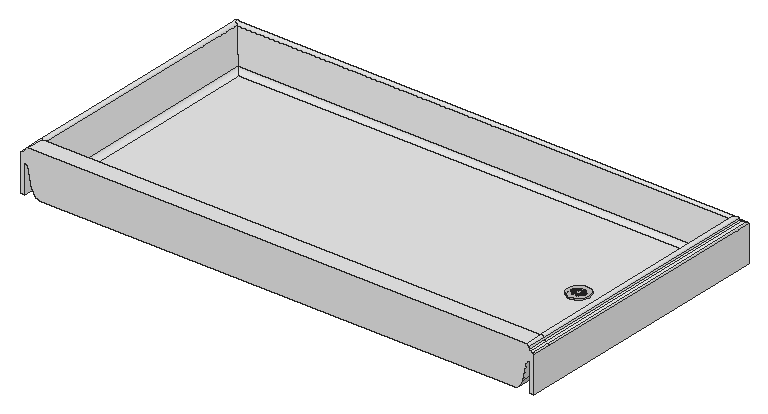
Revit family "xxxShower_Base-American_Standard-Studio-2946.ST_Series", category Plumbing Fixtures, Revit 2019
Family settings
  Round Connector Dimension = Use Diameter
  Part Type = Normal
  OmniClass Number = 23.45.05.14.17
  OmniClass Title = Showers
  Work Plane-Based = Yes
  Always vertical = No
  Cut with Voids When Loaded = No
  Shared = Yes
  Room Calculation Point = No
Parameters (values of type "2946.STL")
  cUPC Compliant = yes
  Width = 32 1/4"
  Waste Connection Diameter = 2"
  Waste Connection = yes
  Warranty Information = "Limited Lifetime Warranty"
  WFU = 4  # constant formula
  Vent Connection = no
  URL = "https://www.americanstandard-us.com/"
  Revised Date = "03/20/2022"
  Product Page URL = "https://www.americanstandard-us.com/Shower-Bases/Studio-60x32-inch-Single-Threshold-Shower-base-with-Left-hand-Outlet/ARCTIC-2946STL011"
  Product Documentation Link = "https://americanstandard.box.com/shared/static/2c7m3xsqxgxtl6dj9jlvu2e4schsh6yw.pdf"
  Model = "2946.STL"
  Material = "High Gloss Acrylic-American Standard-011-Arctic White"
  Manufacturer = "American Standard"
  Length = 60"
  Installation Type = "Floor Mounted"
  Installation Instruction Link = "https://americanstandard.box.com/shared/static/61tpuckk0ybftbwsimzx2vsxvdbjvq0h.pdfhttps://americanstandard.box.com/shared/static/7rti7podxw3j5qmxo3ubuenibojnmje0.pdfhttps://americanstandard.box.com/shared/static/lpyitv3hfushigpx08c4iu28o971q1hk.pdf"
  Height = 5"
  HWFU = 3  # constant formula
  HW Connection = no
  Finish-Drain Plate = Metal-American Standard-Stainless Steel
  Finish = High Gloss Acrylic-American Standard-011-Arctic White
  Drain Location = 8"
  Description = "Studio 60x32 inch Single Threshold Shower base with Left-hand Outlet"
  Default Elevation = 0"
  Creation Date = "05/16/2017"  # constant formula
  CWFU = 3  # constant formula
  CW Connection = no
  CSA B45.5-11 / IAPMO Z124-2011 = yes
  Assembly Code = "D2010710"
  2946SW.011 Shower Walls = no
Types (3): name | Product Page URL | Product Documentation Link | Model | Installation Instruction Link | Drain Location | Description
  (no name) | "https://www.americanstandard-us.com/Shower-Bases/Studio-60x32-inch-Single-Threshold-Shower-base-with-Left-hand-Outlet/ARCTIC-2946STL011" | "https://americanstandard.box.com/shared/static/2c7m3xsqxgxtl6dj9jlvu2e4schsh6yw.pdf" | "2946.STL" | "https://americanstandard.box.com/shared/static/61tpuckk0ybftbwsimzx2vsxvdbjvq0h.pdfhttps://americanstandard.box.com/shared/static/7rti7podxw3j5qmxo3ubuenibojnmje0.pdfhttps://americanstandard.box.com/shared/static/lpyitv3hfushigpx08c4iu28o971q1hk.pdf" | 8" | "Studio 60x32 inch Single Threshold Shower base with Left-hand Outlet"
  2946.STR | "https://www.americanstandard-us.com/Shower-Bases/Studio-60x32-inch-Single-Threshold-Shower-base-with-Right-hand-Outlet/ARCTIC-2946STR011" | "https://americanstandard.box.com/shared/static/4ob4yob0zueszr581dxdwt6nftqz6afj.pdf" | "2946.STR" | "https://americanstandard.box.com/shared/static/s9xxre99llw3rnxbnxp5oyafvz4iwidt.pdfhttps://americanstandard.box.com/shared/static/nx1lm9c59ao4tc1iaf2vh3trf0fjdsc6.pdfhttps://americanstandard.box.com/shared/static/qznfgaigjzgx5n20ffgx6mhszszvo9pd.pdf" | 52" | "Studio 60x32 inch Single Threshold Shower base with Right-hand Outlet"
  2946.STL | "https://www.americanstandard-us.com/Shower-Bases/Studio-60x32-inch-Single-Threshold-Shower-base-with-Left-hand-Outlet/ARCTIC-2946STL011" | "https://americanstandard.box.com/shared/static/2c7m3xsqxgxtl6dj9jlvu2e4schsh6yw.pdf" | "2946.STL" | "https://americanstandard.box.com/shared/static/61tpuckk0ybftbwsimzx2vsxvdbjvq0h.pdfhttps://americanstandard.box.com/shared/static/7rti7podxw3j5qmxo3ubuenibojnmje0.pdfhttps://americanstandard.box.com/shared/static/lpyitv3hfushigpx08c4iu28o971q1hk.pdf" | 8" | "Studio 60x32 inch Single Threshold Shower base with Left-hand Outlet"
Reference planes
  plane 1 "Center (Front/Back)": y = 0
  plane 2: z = 0
  plane 3 "Center (Left/Right)": x = 0
  plane 4: y = -793.75
  plane 5: x = 762
  plane 6: x = -762
  plane 7: x = -558.8
  plane 8: z = 127
  plane 9: y = -374.65
  plane 10: y = -72.297
  plane 11: y = -721.453
  plane 12: x = -689.703
  plane 13: x = 689.703
  plane 14: x = 609.6
  plane 15: x = 558.8
  plane 16: z = 14.095
  plane 17: x = 558.8
Forms (mm)
  Sweep 1, solid, material "High Gloss Acrylic-American Standard-011-Arctic White" <- "Finish"
    path origin (0, 0, 0) x (1, 0, 0) y (0, 1, 0)
      loop
        line (762, -739.775) -> (762, 0) -> (-762, 0) -> (-762, -739.775)
    profile origin (762, -369.888, 0) x (-1, 0, 0) y (0, 0, 1)
      loop
        arc (30.008, 120.819) -> (22.509, 127) -> (15.011, 120.819) r 7.639
        line (15.011, 120.819) -> (14.193, 116.613)
        arc (14.193, 116.613) -> (13.229, 114.592) -> (11.406, 113.292) r 4.472
        line (11.406, 113.292) -> (2.847, 110.006)
        arc (2.847, 110.006) -> (0.78, 108.377) -> (0, 105.864) r 4.437
        line (0, 105.864) -> (0, 0) -> (14.089, 0) -> (14.089, 81.752) -> (23.249, 81.752) -> (34.432, 24.22)
        arc (34.432, 24.22) -> (44.773, 6.84) -> (63.807, 0) r 29.924
        line (63.807, 0) -> (80.191, 0) -> (80.191, 14.095) -> (63.807, 14.095)
        arc (63.807, 14.095) -> (53.734, 17.711) -> (48.262, 26.908) r 15.835
        line (48.262, 26.908) -> (30.008, 120.819)
  Extrusion 2, solid, material "High Gloss Acrylic-American Standard-011-Arctic White" <- "Finish"
    sketch origin (0, 0, 0) x (1, 0, 0) y (0, 1, 0)
      loop
        circle (558.8, -374.65) r 25.4
      loop
        line (-681.809, -739.775) -> (681.809, -739.775) -> (681.809, -80.191) -> (-681.809, -80.191) -> (-681.809, -739.775)
    from 0 to 14.095
  Extrusion 3, solid, material "High Gloss Acrylic-American Standard-011-Arctic White" <- "Finish"
    sketch origin (0, 0, 0) x (1, 0, 0) y (0, 0, 1)
      loop
        line (-750.594, 113.292) -> (-759.153, 110.006)
        arc (-759.153, 110.006) -> (-761.22, 108.377) -> (-762, 105.864) r 4.437
        line (-762, 105.864) -> (-762, 0) -> (-747.911, 0) -> (-747.911, 81.752) -> (-738.751, 81.752) -> (-727.568, 24.219)
        arc (-727.568, 24.219) -> (-717.227, 6.839) -> (-698.193, 0.006) r 29.924
        line (-698.193, 0.006) -> (698.193, 0)
        arc (698.193, 0) -> (717.227, 6.84) -> (727.568, 24.22) r 29.924
        line (727.568, 24.22) -> (738.751, 81.752) -> (747.911, 81.752) -> (747.911, 0) -> (762, 0) -> (762, 105.864)
        arc (762, 105.864) -> (761.22, 108.377) -> (759.153, 110.006) r 4.437
        line (759.153, 110.006) -> (750.594, 113.292)
        arc (750.594, 113.292) -> (748.771, 114.592) -> (747.807, 116.613) r 4.472
        line (747.807, 116.613) -> (746.989, 120.819)
        arc (746.989, 120.819) -> (744.35, 125.255) -> (739.491, 127) r 7.639
        line (739.491, 127) -> (-739.491, 127)
        arc (-739.491, 127) -> (-744.35, 125.255) -> (-746.989, 120.819) r 7.639
        line (-746.989, 120.819) -> (-747.807, 116.613)
        arc (-747.807, 116.613) -> (-748.771, 114.592) -> (-750.594, 113.292) r 4.472
    from 739.775 to 793.75
  Sweep 4, solid, material "Metal-American Standard-Stainless Steel" <- "Finish-Drain Plate"
    path origin (0, 0, 0) x (1, 0, 0) y (0, 0, 1)
      loop
        line (558.8, 16.869) -> (558.8, 14.095)
    profile origin (558.8, 0, 15.482) x (0, -1, 0) y (1, 0, 0)
      loop
        circle (374.65, -7.359) r 1.27
      loop
        circle (374.65, -10.948) r 1.27
      loop
        circle (374.65, -14.537) r 1.27
      loop
        circle (374.65, -18.126) r 1.27
      loop
        circle (371.061, -18.126) r 1.27
      loop
        circle (367.473, -14.537) r 1.27
      loop
        circle (363.884, -10.948) r 1.27
      loop
        circle (367.473, -3.77) r 1.27
      loop
        circle (367.473, -7.359) r 1.27
      loop
        circle (367.473, -10.948) r 1.27
      loop
        circle (371.061, -10.949) r 1.27
      loop
        circle (371.061, -14.537) r 1.27
      loop
        circle (371.061, -7.36) r 1.27
      loop
        circle (363.884, -7.36) r 1.27
      loop
        circle (363.884, -3.771) r 1.27
      loop
        circle (360.295, -7.36) r 1.27
      loop
        circle (360.296, -3.77) r 1.27
      loop
        circle (374.65, 7.359) r 1.27
      loop
        circle (374.65, 10.948) r 1.27
      loop
        circle (374.65, 14.537) r 1.27
      loop
        circle (374.65, 18.126) r 1.27
      loop
        circle (371.061, 18.126) r 1.27
      loop
        circle (367.473, 14.537) r 1.27
      loop
        circle (363.884, 10.948) r 1.27
      loop
        circle (367.473, 3.77) r 1.27
      loop
        circle (367.473, 7.359) r 1.27
      loop
        circle (367.473, 10.948) r 1.27
      loop
        circle (371.061, 10.949) r 1.27
      loop
        circle (371.061, 14.537) r 1.27
      loop
        circle (371.061, 7.36) r 1.27
      loop
        circle (363.884, 7.36) r 1.27
      loop
        circle (363.884, 3.771) r 1.27
      loop
        circle (360.295, 7.36) r 1.27
      loop
        circle (360.296, 3.77) r 1.27
      loop
        circle (378.239, -18.126) r 1.27
      loop
        circle (381.827, -14.537) r 1.27
      loop
        circle (385.416, -10.948) r 1.27
      loop
        circle (381.827, -3.77) r 1.27
      loop
        circle (381.827, -7.359) r 1.27
      loop
        circle (381.827, -10.948) r 1.27
      loop
        circle (378.239, -10.949) r 1.27
      loop
        circle (378.239, -14.537) r 1.27
      loop
        circle (378.239, -7.36) r 1.27
      loop
        circle (385.416, -7.36) r 1.27
      loop
        circle (385.416, -3.771) r 1.27
      loop
        circle (389.005, -7.36) r 1.27
      loop
        circle (389.004, -3.77) r 1.27
      loop
        circle (378.239, 18.126) r 1.27
      loop
        circle (381.827, 14.537) r 1.27
      loop
        circle (385.416, 10.948) r 1.27
      loop
        circle (381.827, 3.77) r 1.27
      loop
        circle (381.827, 7.359) r 1.27
      loop
        circle (381.827, 10.948) r 1.27
      loop
        circle (378.239, 10.949) r 1.27
      loop
        circle (378.239, 14.537) r 1.27
      loop
        circle (378.239, 7.36) r 1.27
      loop
        circle (385.416, 7.36) r 1.27
      loop
        circle (385.416, 3.771) r 1.27
      loop
        circle (389.005, 7.36) r 1.27
      loop
        circle (389.004, 3.77) r 1.27
      loop
        circle (374.65, 0) r 31.75
Cuts and joins
  joined: Sweep 1, Extrusion 2, Extrusion 3
Lines and regions (mm)
  Masking region 1
    outline origin (0, 0, 0) x (1, 0, 0) y (0, 1, 0)
      loop
        line (-762, 0) -> (-762, -793.75) -> (762, -793.75) -> (762, 0) -> (-762, 0)
  symbolic lines, detail levels medium+fine
    curve 1: line (-731.992, -739.775, 0) -> (-731.992, -30.008, 0)
    curve 2: line (-731.992, -30.008, 0) -> (731.992, -30.008, 0)
    curve 3: line (731.992, -30.008, 0) -> (731.992, -739.775, 0)
    curve 128: arc (558.8, -342.9, 0) -> (527.05, -374.65, 0) -> (558.8, -406.4, 0) r 31.75
    curve 129: arc (558.8, -406.4, 0) -> (590.55, -374.65, 0) -> (558.8, -342.9, 0) r 31.75
    curve 130: line (-731.992, -739.775, 0) -> (731.992, -739.775, 0)
  symbolic lines, detail levels fine
    curve 4: line (-747.807, -739.775, 0) -> (-747.807, -14.193, 0)
    curve 5: line (-747.807, -14.193, 0) -> (747.807, -14.193, 0)
    curve 6: line (747.807, -14.193, 0) -> (747.807, -739.775, 0)
    curve 7: line (-747.807, -739.775, 0) -> (-731.992, -739.775, 0)
    curve 8: arc (555.03, -359.026, 0) -> (556.3, -360.296, 0) -> (555.03, -361.566, 0) r 1.27
    curve 9: arc (555.03, -361.566, 0) -> (553.76, -360.296, 0) -> (555.03, -359.026, 0) r 1.27
    curve 10: arc (551.44, -359.025, 0) -> (552.71, -360.295, 0) -> (551.44, -361.565, 0) r 1.27
    curve 11: arc (551.44, -361.565, 0) -> (550.17, -360.295, 0) -> (551.44, -359.025, 0) r 1.27
    curve 12: arc (555.029, -362.614, 0) -> (556.299, -363.884, 0) -> (555.029, -365.154, 0) r 1.27
    curve 13: arc (555.029, -365.154, 0) -> (553.759, -363.884, 0) -> (555.029, -362.614, 0) r 1.27
    curve 14: arc (555.03, -366.203, 0) -> (556.3, -367.473, 0) -> (555.03, -368.743, 0) r 1.27
    curve 15: arc (555.03, -368.743, 0) -> (553.76, -367.473, 0) -> (555.03, -366.203, 0) r 1.27
    curve 16: arc (551.44, -362.614, 0) -> (552.71, -363.884, 0) -> (551.44, -365.154, 0) r 1.27
    curve 17: arc (551.44, -365.154, 0) -> (550.17, -363.884, 0) -> (551.44, -362.614, 0) r 1.27
    curve 18: arc (547.852, -362.614, 0) -> (549.122, -363.884, 0) -> (547.852, -365.154, 0) r 1.27
    curve 19: arc (547.852, -365.154, 0) -> (546.582, -363.884, 0) -> (547.852, -362.614, 0) r 1.27
    curve 20: arc (551.441, -366.203, 0) -> (552.711, -367.473, 0) -> (551.441, -368.743, 0) r 1.27
    curve 21: arc (551.441, -368.743, 0) -> (550.171, -367.473, 0) -> (551.441, -366.203, 0) r 1.27
    curve 22: arc (547.852, -366.203, 0) -> (549.122, -367.473, 0) -> (547.852, -368.743, 0) r 1.27
    curve 23: arc (547.852, -368.743, 0) -> (546.582, -367.473, 0) -> (547.852, -366.203, 0) r 1.27
    curve 24: arc (544.263, -366.203, 0) -> (545.533, -367.473, 0) -> (544.263, -368.743, 0) r 1.27
    curve 25: arc (544.263, -368.743, 0) -> (542.993, -367.473, 0) -> (544.263, -366.203, 0) r 1.27
    curve 26: arc (540.674, -369.791, 0) -> (541.944, -371.061, 0) -> (540.674, -372.331, 0) r 1.27
    curve 27: arc (540.674, -372.331, 0) -> (539.404, -371.061, 0) -> (540.674, -369.791, 0) r 1.27
    curve 28: arc (544.263, -369.791, 0) -> (545.533, -371.061, 0) -> (544.263, -372.331, 0) r 1.27
    curve 29: arc (544.263, -372.331, 0) -> (542.993, -371.061, 0) -> (544.263, -369.791, 0) r 1.27
    curve 30: arc (547.851, -369.791, 0) -> (549.121, -371.061, 0) -> (547.851, -372.331, 0) r 1.27
    curve 31: arc (547.851, -372.331, 0) -> (546.581, -371.061, 0) -> (547.851, -369.791, 0) r 1.27
    curve 32: arc (551.44, -369.791, 0) -> (552.71, -371.061, 0) -> (551.44, -372.331, 0) r 1.27
    curve 33: arc (551.44, -372.331, 0) -> (550.17, -371.061, 0) -> (551.44, -369.791, 0) r 1.27
    curve 34: arc (540.674, -373.38, 0) -> (541.944, -374.65, 0) -> (540.674, -375.92, 0) r 1.27
    curve 35: arc (540.674, -375.92, 0) -> (539.404, -374.65, 0) -> (540.674, -373.38, 0) r 1.27
    curve 36: arc (544.263, -373.38, 0) -> (545.533, -374.65, 0) -> (544.263, -375.92, 0) r 1.27
    curve 37: arc (544.263, -375.92, 0) -> (542.993, -374.65, 0) -> (544.263, -373.38, 0) r 1.27
    curve 38: arc (547.852, -373.38, 0) -> (549.122, -374.65, 0) -> (547.852, -375.92, 0) r 1.27
    curve 39: arc (547.852, -375.92, 0) -> (546.582, -374.65, 0) -> (547.852, -373.38, 0) r 1.27
    curve 40: arc (551.441, -373.38, 0) -> (552.711, -374.65, 0) -> (551.441, -375.92, 0) r 1.27
    curve 41: arc (551.441, -375.92, 0) -> (550.171, -374.65, 0) -> (551.441, -373.38, 0) r 1.27
    curve 42: arc (540.674, -376.969, 0) -> (541.944, -378.239, 0) -> (540.674, -379.509, 0) r 1.27
    curve 43: arc (540.674, -379.509, 0) -> (539.404, -378.239, 0) -> (540.674, -376.969, 0) r 1.27
    curve 44: arc (544.263, -376.969, 0) -> (545.533, -378.239, 0) -> (544.263, -379.509, 0) r 1.27
    curve 45: arc (544.263, -379.509, 0) -> (542.993, -378.239, 0) -> (544.263, -376.969, 0) r 1.27
    curve 46: arc (547.851, -376.969, 0) -> (549.121, -378.239, 0) -> (547.851, -379.509, 0) r 1.27
    curve 47: arc (547.851, -379.509, 0) -> (546.581, -378.239, 0) -> (547.851, -376.969, 0) r 1.27
    curve 48: arc (551.44, -379.509, 0) -> (550.17, -378.239, 0) -> (551.44, -376.969, 0) r 1.27
    curve 49: arc (551.44, -376.969, 0) -> (552.71, -378.239, 0) -> (551.44, -379.509, 0) r 1.27
    curve 50: arc (544.263, -380.557, 0) -> (545.533, -381.827, 0) -> (544.263, -383.097, 0) r 1.27
    curve 51: arc (544.263, -383.097, 0) -> (542.993, -381.827, 0) -> (544.263, -380.557, 0) r 1.27
    curve 52: arc (547.852, -383.097, 0) -> (546.582, -381.827, 0) -> (547.852, -380.557, 0) r 1.27
    curve 53: arc (547.852, -380.557, 0) -> (549.122, -381.827, 0) -> (547.852, -383.097, 0) r 1.27
    curve 54: arc (551.441, -383.097, 0) -> (550.171, -381.827, 0) -> (551.441, -380.557, 0) r 1.27
    curve 55: arc (551.441, -380.557, 0) -> (552.711, -381.827, 0) -> (551.441, -383.097, 0) r 1.27
    curve 56: arc (555.03, -383.097, 0) -> (553.76, -381.827, 0) -> (555.03, -380.557, 0) r 1.27
    curve 57: arc (555.03, -380.557, 0) -> (556.3, -381.827, 0) -> (555.03, -383.097, 0) r 1.27
    curve 58: arc (555.029, -386.686, 0) -> (553.759, -385.416, 0) -> (555.029, -384.146, 0) r 1.27
    curve 59: arc (555.029, -384.146, 0) -> (556.299, -385.416, 0) -> (555.029, -386.686, 0) r 1.27
    curve 60: arc (551.44, -384.146, 0) -> (552.71, -385.416, 0) -> (551.44, -386.686, 0) r 1.27
    curve 61: arc (551.44, -386.686, 0) -> (550.17, -385.416, 0) -> (551.44, -384.146, 0) r 1.27
    curve 62: arc (547.852, -384.146, 0) -> (549.122, -385.416, 0) -> (547.852, -386.686, 0) r 1.27
    curve 63: arc (547.852, -386.686, 0) -> (546.582, -385.416, 0) -> (547.852, -384.146, 0) r 1.27
    curve 64: arc (551.44, -390.275, 0) -> (550.17, -389.005, 0) -> (551.44, -387.735, 0) r 1.27
    curve 65: arc (551.44, -387.735, 0) -> (552.71, -389.005, 0) -> (551.44, -390.275, 0) r 1.27
    curve 66: arc (555.03, -390.274, 0) -> (553.76, -389.004, 0) -> (555.03, -387.734, 0) r 1.27
    curve 67: arc (555.03, -387.734, 0) -> (556.3, -389.004, 0) -> (555.03, -390.274, 0) r 1.27
    curve 68: arc (562.57, -390.274, 0) -> (561.3, -389.004, 0) -> (562.57, -387.734, 0) r 1.27
    curve 69: arc (562.57, -387.734, 0) -> (563.84, -389.004, 0) -> (562.57, -390.274, 0) r 1.27
    curve 70: arc (566.16, -390.275, 0) -> (564.89, -389.005, 0) -> (566.16, -387.735, 0) r 1.27
    curve 71: arc (566.16, -387.735, 0) -> (567.43, -389.005, 0) -> (566.16, -390.275, 0) r 1.27
    curve 72: arc (562.571, -384.146, 0) -> (563.841, -385.416, 0) -> (562.571, -386.686, 0) r 1.27
    curve 73: arc (562.571, -386.686, 0) -> (561.301, -385.416, 0) -> (562.571, -384.146, 0) r 1.27
    curve 74: arc (566.16, -386.686, 0) -> (564.89, -385.416, 0) -> (566.16, -384.146, 0) r 1.27
    curve 75: arc (566.16, -384.146, 0) -> (567.43, -385.416, 0) -> (566.16, -386.686, 0) r 1.27
    curve 76: arc (569.748, -386.686, 0) -> (568.478, -385.416, 0) -> (569.748, -384.146, 0) r 1.27
    curve 77: arc (569.748, -384.146, 0) -> (571.018, -385.416, 0) -> (569.748, -386.686, 0) r 1.27
    curve 78: arc (562.57, -380.557, 0) -> (563.84, -381.827, 0) -> (562.57, -383.097, 0) r 1.27
    curve 79: arc (562.57, -383.097, 0) -> (561.3, -381.827, 0) -> (562.57, -380.557, 0) r 1.27
    curve 80: arc (566.159, -383.097, 0) -> (564.889, -381.827, 0) -> (566.159, -380.557, 0) r 1.27
    curve 81: arc (566.159, -380.557, 0) -> (567.429, -381.827, 0) -> (566.159, -383.097, 0) r 1.27
    curve 82: arc (569.748, -383.097, 0) -> (568.478, -381.827, 0) -> (569.748, -380.557, 0) r 1.27
    curve 83: arc (569.748, -380.557, 0) -> (571.018, -381.827, 0) -> (569.748, -383.097, 0) r 1.27
    curve 84: arc (573.337, -383.097, 0) -> (572.067, -381.827, 0) -> (573.337, -380.557, 0) r 1.27
    curve 85: arc (573.337, -380.557, 0) -> (574.607, -381.827, 0) -> (573.337, -383.097, 0) r 1.27
    curve 86: arc (566.16, -376.969, 0) -> (567.43, -378.239, 0) -> (566.16, -379.509, 0) r 1.27
    curve 87: arc (566.16, -379.509, 0) -> (564.89, -378.239, 0) -> (566.16, -376.969, 0) r 1.27
    curve 88: arc (569.749, -379.509, 0) -> (568.479, -378.239, 0) -> (569.749, -376.969, 0) r 1.27
    curve 89: arc (569.749, -376.969, 0) -> (571.019, -378.239, 0) -> (569.749, -379.509, 0) r 1.27
    curve 90: arc (573.337, -379.509, 0) -> (572.067, -378.239, 0) -> (573.337, -376.969, 0) r 1.27
    curve 91: arc (573.337, -376.969, 0) -> (574.607, -378.239, 0) -> (573.337, -379.509, 0) r 1.27
    curve 92: arc (576.926, -379.509, 0) -> (575.656, -378.239, 0) -> (576.926, -376.969, 0) r 1.27
    curve 93: arc (576.926, -376.969, 0) -> (578.196, -378.239, 0) -> (576.926, -379.509, 0) r 1.27
    curve 94: arc (576.926, -375.92, 0) -> (575.656, -374.65, 0) -> (576.926, -373.38, 0) r 1.27
    curve 95: arc (576.926, -373.38, 0) -> (578.196, -374.65, 0) -> (576.926, -375.92, 0) r 1.27
    curve 96: arc (573.337, -373.38, 0) -> (574.607, -374.65, 0) -> (573.337, -375.92, 0) r 1.27
    curve 97: arc (573.337, -375.92, 0) -> (572.067, -374.65, 0) -> (573.337, -373.38, 0) r 1.27
    curve 98: arc (569.748, -373.38, 0) -> (571.018, -374.65, 0) -> (569.748, -375.92, 0) r 1.27
    curve 99: arc (569.748, -375.92, 0) -> (568.478, -374.65, 0) -> (569.748, -373.38, 0) r 1.27
    curve 100: arc (566.159, -373.38, 0) -> (567.429, -374.65, 0) -> (566.159, -375.92, 0) r 1.27
    curve 101: arc (566.159, -375.92, 0) -> (564.889, -374.65, 0) -> (566.159, -373.38, 0) r 1.27
    curve 102: arc (566.16, -369.791, 0) -> (567.43, -371.061, 0) -> (566.16, -372.331, 0) r 1.27
    curve 103: arc (566.16, -372.331, 0) -> (564.89, -371.061, 0) -> (566.16, -369.791, 0) r 1.27
    curve 104: arc (569.749, -372.331, 0) -> (568.479, -371.061, 0) -> (569.749, -369.791, 0) r 1.27
    curve 105: arc (569.749, -369.791, 0) -> (571.019, -371.061, 0) -> (569.749, -372.331, 0) r 1.27
    curve 106: arc (573.337, -372.331, 0) -> (572.067, -371.061, 0) -> (573.337, -369.791, 0) r 1.27
    curve 107: arc (573.337, -369.791, 0) -> (574.607, -371.061, 0) -> (573.337, -372.331, 0) r 1.27
    curve 108: arc (576.926, -372.331, 0) -> (575.656, -371.061, 0) -> (576.926, -369.791, 0) r 1.27
    curve 109: arc (576.926, -369.791, 0) -> (578.196, -371.061, 0) -> (576.926, -372.331, 0) r 1.27
    curve 110: arc (573.337, -366.203, 0) -> (574.607, -367.473, 0) -> (573.337, -368.743, 0) r 1.27
    curve 111: arc (573.337, -368.743, 0) -> (572.067, -367.473, 0) -> (573.337, -366.203, 0) r 1.27
    curve 112: arc (569.748, -366.203, 0) -> (571.018, -367.473, 0) -> (569.748, -368.743, 0) r 1.27
    curve 113: arc (569.748, -368.743, 0) -> (568.478, -367.473, 0) -> (569.748, -366.203, 0) r 1.27
    curve 114: arc (566.159, -366.203, 0) -> (567.429, -367.473, 0) -> (566.159, -368.743, 0) r 1.27
    curve 115: arc (566.159, -368.743, 0) -> (564.889, -367.473, 0) -> (566.159, -366.203, 0) r 1.27
    curve 116: arc (562.57, -366.203, 0) -> (563.84, -367.473, 0) -> (562.57, -368.743, 0) r 1.27
    curve 117: arc (562.57, -368.743, 0) -> (561.3, -367.473, 0) -> (562.57, -366.203, 0) r 1.27
    curve 118: arc (562.571, -365.154, 0) -> (561.301, -363.884, 0) -> (562.571, -362.614, 0) r 1.27
    curve 119: arc (562.571, -362.614, 0) -> (563.841, -363.884, 0) -> (562.571, -365.154, 0) r 1.27
    curve 120: arc (566.16, -365.154, 0) -> (564.89, -363.884, 0) -> (566.16, -362.614, 0) r 1.27
    curve 121: arc (566.16, -362.614, 0) -> (567.43, -363.884, 0) -> (566.16, -365.154, 0) r 1.27
    curve 122: arc (569.748, -365.154, 0) -> (568.478, -363.884, 0) -> (569.748, -362.614, 0) r 1.27
    curve 123: arc (569.748, -362.614, 0) -> (571.018, -363.884, 0) -> (569.748, -365.154, 0) r 1.27
    curve 124: arc (566.16, -359.025, 0) -> (567.43, -360.295, 0) -> (566.16, -361.565, 0) r 1.27
    curve 125: arc (566.16, -361.565, 0) -> (564.89, -360.295, 0) -> (566.16, -359.025, 0) r 1.27
    curve 126: arc (562.57, -359.026, 0) -> (563.84, -360.296, 0) -> (562.57, -361.566, 0) r 1.27
    curve 127: arc (562.57, -361.566, 0) -> (561.3, -360.296, 0) -> (562.57, -359.026, 0) r 1.27
    curve 131: line (731.992, -739.775, 0) -> (747.807, -739.775, 0)
Dimensions and locks
  plane 4 to plane 1 "Center (Front/Back)" = 31 1/4"
  plane 4 to plane 9 = 16 1/2"
  plane 11 to plane 9 to plane 10 = 13.65367" locked, 11.90367" locked
  plane 12 to plane 3 "Center (Left/Right)" to plane 13 = 27.15367" locked, 27.15367" locked
  locked: plane 14 to plane 13 at 80.103
  "Drain Location": plane 15 to plane 5
  plane 9 to plane 1 "Center (Front/Back)" = 14 3/4"
  plane 6 to plane 7 = 8"
  plane 8 to level = 5"
  plane 17 to plane 5 = 8"
  "Length": plane 6 to plane 5
  equal spacing: plane 6, plane 3 "Center (Left/Right)", plane 5
  "Drain Location": Sweep 4 sketch curve to plane 5
  aligned and locked: plane 15 to Extrusion 2 sketch curve
  aligned and locked: Sweep 1 to Extrusion 2 sketch curve
  aligned and locked: Extrusion 2 sketch curve to Sweep 1  (x2)
  aligned and locked: cut or joined group of Sweep 1, Extrusion 2, Extrusion 3 to Extrusion 2 sketch curve
  aligned and locked: curve 8 to Sweep 4
  aligned and locked: curve 9 to Sweep 4
  aligned and locked: curve 10 to Sweep 4
  aligned and locked: curve 11 to Sweep 4
  aligned and locked: curve 12 to Sweep 4
  aligned and locked: curve 13 to Sweep 4
  aligned and locked: curve 14 to Sweep 4
  aligned and locked: curve 15 to Sweep 4
  aligned and locked: curve 16 to Sweep 4
  aligned and locked: curve 17 to Sweep 4
  aligned and locked: curve 18 to Sweep 4
  aligned and locked: curve 19 to Sweep 4
  aligned and locked: curve 20 to Sweep 4
  aligned and locked: curve 21 to Sweep 4
  aligned and locked: curve 22 to Sweep 4
  aligned and locked: curve 23 to Sweep 4
  aligned and locked: curve 24 to Sweep 4
  aligned and locked: curve 25 to Sweep 4
  aligned and locked: curve 26 to Sweep 4
  aligned and locked: curve 27 to Sweep 4
  aligned and locked: curve 28 to Sweep 4
  aligned and locked: curve 29 to Sweep 4
  aligned and locked: curve 30 to Sweep 4
  aligned and locked: curve 31 to Sweep 4
  aligned and locked: curve 32 to Sweep 4
  aligned and locked: curve 33 to Sweep 4
  aligned and locked: curve 34 to Sweep 4
  aligned and locked: curve 35 to Sweep 4
  aligned and locked: curve 36 to Sweep 4
  aligned and locked: curve 37 to Sweep 4
  aligned and locked: curve 38 to Sweep 4
  aligned and locked: curve 39 to Sweep 4
  aligned and locked: curve 40 to Sweep 4
  aligned and locked: curve 41 to Sweep 4
  aligned and locked: curve 42 to Sweep 4
  aligned and locked: curve 43 to Sweep 4
  aligned and locked: curve 44 to Sweep 4
  aligned and locked: curve 45 to Sweep 4
  aligned and locked: curve 46 to Sweep 4
  aligned and locked: curve 47 to Sweep 4
  aligned and locked: curve 48 to Sweep 4
  aligned and locked: curve 49 to Sweep 4
  aligned and locked: curve 50 to Sweep 4
  aligned and locked: curve 51 to Sweep 4
  aligned and locked: curve 52 to Sweep 4
  aligned and locked: curve 53 to Sweep 4
  aligned and locked: curve 54 to Sweep 4
  aligned and locked: curve 55 to Sweep 4
  aligned and locked: curve 56 to Sweep 4
  aligned and locked: curve 57 to Sweep 4
  aligned and locked: curve 58 to Sweep 4
  aligned and locked: curve 59 to Sweep 4
  aligned and locked: curve 60 to Sweep 4
  aligned and locked: curve 61 to Sweep 4
  aligned and locked: curve 62 to Sweep 4
  aligned and locked: curve 63 to Sweep 4
  aligned and locked: curve 64 to Sweep 4
  aligned and locked: curve 65 to Sweep 4
  aligned and locked: curve 66 to Sweep 4
  aligned and locked: curve 67 to Sweep 4
  aligned and locked: curve 68 to Sweep 4
  aligned and locked: curve 69 to Sweep 4
  aligned and locked: curve 70 to Sweep 4
  aligned and locked: curve 71 to Sweep 4
  aligned and locked: curve 72 to Sweep 4
  aligned and locked: curve 73 to Sweep 4
  aligned and locked: curve 74 to Sweep 4
  aligned and locked: curve 75 to Sweep 4
  aligned and locked: curve 76 to Sweep 4
  aligned and locked: curve 77 to Sweep 4
  aligned and locked: curve 78 to Sweep 4
  aligned and locked: curve 79 to Sweep 4
  aligned and locked: curve 80 to Sweep 4
  aligned and locked: curve 81 to Sweep 4
  aligned and locked: curve 82 to Sweep 4
  aligned and locked: curve 83 to Sweep 4
  aligned and locked: curve 84 to Sweep 4
  aligned and locked: curve 85 to Sweep 4
  aligned and locked: curve 86 to Sweep 4
  aligned and locked: curve 87 to Sweep 4
  aligned and locked: curve 88 to Sweep 4
  aligned and locked: curve 89 to Sweep 4
  aligned and locked: curve 90 to Sweep 4
  aligned and locked: curve 91 to Sweep 4
  aligned and locked: curve 92 to Sweep 4
  aligned and locked: curve 93 to Sweep 4
  aligned and locked: curve 94 to Sweep 4
  aligned and locked: curve 95 to Sweep 4
  aligned and locked: curve 96 to Sweep 4
  aligned and locked: curve 97 to Sweep 4
  aligned and locked: curve 98 to Sweep 4
  aligned and locked: curve 99 to Sweep 4
  aligned and locked: curve 100 to Sweep 4
  aligned and locked: curve 101 to Sweep 4
  aligned and locked: curve 102 to Sweep 4
  aligned and locked: curve 103 to Sweep 4
  aligned and locked: curve 104 to Sweep 4
  aligned and locked: curve 105 to Sweep 4
  aligned and locked: curve 106 to Sweep 4
  aligned and locked: curve 107 to Sweep 4
  aligned and locked: curve 108 to Sweep 4
  aligned and locked: curve 109 to Sweep 4
  aligned and locked: curve 110 to Sweep 4
  aligned and locked: curve 111 to Sweep 4
  aligned and locked: curve 112 to Sweep 4
  aligned and locked: curve 113 to Sweep 4
  aligned and locked: curve 114 to Sweep 4
  aligned and locked: curve 115 to Sweep 4
  aligned and locked: curve 116 to Sweep 4
  aligned and locked: curve 117 to Sweep 4
  aligned and locked: curve 118 to Sweep 4
  aligned and locked: curve 119 to Sweep 4
  aligned and locked: curve 120 to Sweep 4
  aligned and locked: curve 121 to Sweep 4
  aligned and locked: curve 122 to Sweep 4
  aligned and locked: curve 123 to Sweep 4
  aligned and locked: curve 124 to Sweep 4
  aligned and locked: curve 125 to Sweep 4
  aligned and locked: curve 126 to Sweep 4
  aligned and locked: curve 127 to Sweep 4
  aligned and locked: curve 128 to Sweep 4
  aligned and locked: curve 129 to Sweep 4
Automatic sketch dimensions
  plane 1 "Center (Front/Back)" to Sweep 1 sketch curve = 0"
  Sweep 1 sketch curve to plane 6 = 0"
  plane 4 to Masking region 1 sketch curve = 0"
  Masking region 1 sketch curve to plane 6 = 0"
  plane 1 "Center (Front/Back)" to Masking region 1 sketch curve = 0"
  Masking region 1 sketch curve to plane 5 = 0"
  Sweep 1 sketch curve to Sweep 1 sketch curve = 0"  (x3)
  Sweep 1 sketch curve to profile plane = 0"
  Sweep 1 sketch curve to level = 0"  (x2)
  Sweep 1 sketch curve to profile plane = 0.11208"
  Sweep 1 sketch curve to Sweep 1 sketch curve = 0.17469"
  Sweep 1 sketch curve to profile plane = 0.38596"
  Sweep 1 sketch curve to Sweep 1 sketch curve = 0.0631"
  Sweep 1 sketch curve to profile plane = 71/128"
  Sweep 1 sketch curve to Sweep 1 sketch curve = 0.10973"
  Sweep 1 sketch curve to Sweep 1 sketch curve = 0.03218"
  Sweep 1 sketch curve to Sweep 1 sketch curve = 0.29523"  (x2)
  Sweep 1 sketch curve to Sweep 1 sketch curve = 0.36063"
  Sweep 1 sketch curve to Sweep 1 sketch curve = 0.80091"
  level to Sweep 1 sketch curve = 1.05939"
  Sweep 1 sketch curve to Sweep 1 sketch curve = 0.5445"
  level to Sweep 1 sketch curve = 0.55491"
  Sweep 1 sketch curve to Sweep 1 sketch curve = 0.61199"
  Sweep 1 sketch curve to Sweep 1 sketch curve = 0.64505"
  Sweep 1 sketch curve to Sweep 1 sketch curve = 0.10584"
  Sweep 1 sketch curve to Sweep 1 sketch curve = 2.26504"
  Sweep 1 sketch curve to Sweep 1 sketch curve = 0.94927"
  Sweep 1 sketch curve to Sweep 1 sketch curve = 0.12935"
  Sweep 1 sketch curve to Sweep 1 sketch curve = 0.13078"
  Sweep 1 sketch curve to Sweep 1 sketch curve = 0.10817"
  Sweep 1 sketch curve to Sweep 1 sketch curve = 0.16556"
  Extrusion 3 sketch curve to level = 0"  (x3)
  Extrusion 3 sketch curve to plane 5 = 0"
  Extrusion 3 sketch curve to plane 6 = 0.11208"
  Extrusion 3 sketch curve to Extrusion 3 sketch curve = 0.0631"  (x2)
  Extrusion 3 sketch curve to plane 8 = 0.40892"
  Extrusion 3 sketch curve to plane 8 = 0.24336"  (x2)
  Extrusion 3 sketch curve to plane 16 = 0.62344"  (x2)
  Extrusion 3 sketch curve to plane 5 = 2.51208"
  Extrusion 3 sketch curve to plane 16 = 0.39864"
  Extrusion 3 sketch curve to Extrusion 3 sketch curve = 1.15648"  (x2)
  Extrusion 3 sketch curve to plane 5 = 0.91532"
  Extrusion 3 sketch curve to Extrusion 3 sketch curve = 0.29523"
  Extrusion 3 sketch curve to Extrusion 3 sketch curve = 0.03218"  (x2)
  Extrusion 3 sketch curve to Extrusion 3 sketch curve = 71/128"
  Extrusion 3 sketch curve to Extrusion 3 sketch curve = 0.10973"  (x2)
  Extrusion 3 sketch curve to Extrusion 3 sketch curve = 0.17469"
  Extrusion 3 sketch curve to plane 5 = 0.11208"
  Extrusion 3 sketch curve to Extrusion 3 sketch curve = 1.48065"
  Extrusion 3 sketch curve to plane 8 = 0.83214"
  Extrusion 3 sketch curve to Extrusion 3 sketch curve = 0.29633"
  Extrusion 3 sketch curve to Extrusion 3 sketch curve = 0.16556"
  Extrusion 3 sketch curve to Extrusion 3 sketch curve = 0"  (x2)
  Extrusion 3 sketch curve to plane 5 = 0.8862"
  plane 6 to Extrusion 3 sketch curve = 0"
  Extrusion 3 sketch curve to plane 8 = 0"
  Extrusion 3 sketch curve to Extrusion 3 sketch curve = 0.0626"
  Extrusion 3 sketch curve to plane 6 = 0.38596"
  Extrusion 3 sketch curve to plane 6 = 71/128"
  Extrusion 3 sketch curve to plane 8 = 0.30075"
  Extrusion 3 sketch curve to Extrusion 3 sketch curve = 0.36063"
  Extrusion 3 sketch curve to plane 16 = 0.3986"
  Extrusion 3 sketch curve to Extrusion 3 sketch curve = 0.80092"
  Extrusion 3 sketch curve to Extrusion 3 sketch curve = 1.37248"
  Extrusion 3 sketch curve to Extrusion 3 sketch curve = 0.42321"
  Extrusion 3 sketch curve to Extrusion 3 sketch curve = 0.13078"
  Sweep 1 sketch curve to plane 5 = 0"
  Sweep 1 sketch curve to plane 4 = 2 1/8"  (x2)
  Sweep 4 sketch curve to profile plane = 0.28976"
  plane 1 "Center (Front/Back)" to Sweep 4 sketch curve = 14.18486"
  Sweep 4 sketch curve to Sweep 4 sketch curve = 0"  (x31)
  Sweep 4 sketch curve to Sweep 4 sketch curve = 0.14128"  (x46)
  Sweep 4 sketch curve to Sweep 4 sketch curve = 0.14129"  (x20)
  profile plane to Sweep 4 sketch curve = 19/128"  (x4)
  Sweep 4 sketch curve to Sweep 4 sketch curve = 0.00004"  (x4)
  Sweep 4 sketch curve to Sweep 4 sketch curve = 0.14133"  (x2)
  Sweep 4 sketch curve to Sweep 4 sketch curve = 0.00003"  (x4)
  Sweep 4 sketch curve to Sweep 4 sketch curve = 0.14127"  (x4)
  Sweep 4 sketch curve to Sweep 4 sketch curve = 0.1413"
  Sweep 4 sketch curve to profile plane = 19/128"  (x3)
  Sweep 4 sketch curve to profile plane = 0"
  curve 5 to plane 6 = 0.55879"
  curve 5 to plane 5 = 0.55879"
  curve 131 to plane 4 = 2 1/8"
  plane 1 "Center (Front/Back)" to curve 2 = 1.18143"
  plane 1 "Center (Front/Back)" to curve 4 = 0.55879"
  curve 130 to curve 131 = 0.62263"
  curve 4 to curve 7 = 0.62263"
  plane 9 to Extrusion 2 sketch curve = 0"
  Sweep 4 sketch curve to plane 16 = 0"
  Sweep 4 sketch curve to Sweep 4 sketch curve = 0.10923"
  radius of Sweep 4 sketch curve = 0.05"  (x60)
  radius of Sweep 4 sketch curve = 1 1/4"
  radius of Extrusion 2 sketch curve = 1"
Connectors
  piping at (558.8, -374.65, 0), diameter 50.8, driven by "WFU", driven by "Waste Connection Diameter"
    settings: on Extrusion 2, index 1, connector inside diameter 24", connector length 0", flow factor 0, pipe flow 0 GPM, pressure drop 0.00 psi, fitting loss kfactor 0, connector angle 0.00°, fixture units 4, engagement length 0", angle of deflection 0.00°, flow configuration 3, flow direction 2, fitting loss method 0, system type 16, joint type 0, gender type 0, connector reference index -1, connector utility 0, adjustable connector no, is connector primary yes, connector description "2\" Sanitary Outlet Connection"
